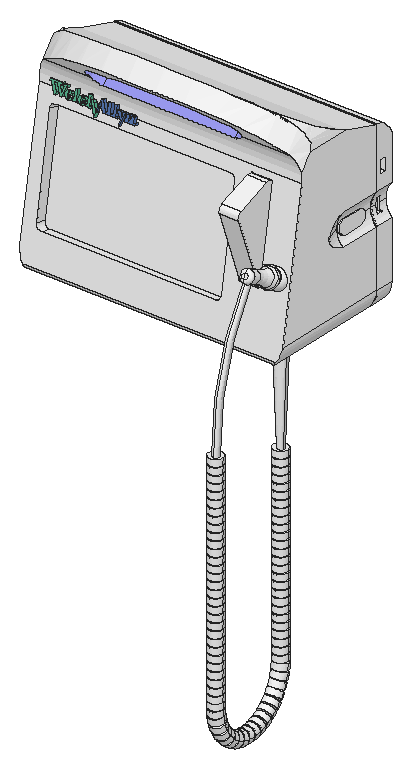
Revit family "Medical_All_Hill-Rom_Connex-Vital-Signs-Monitor", category Specialty Equipment, Revit 2015
Parameters (values of type "Connex Vital Signs Monitor 6700/6800")
  Youtube clip = "https://www.youtube.com/user/welchallyn"
  Width = 0' - 11 97/256"  # constant formula
  Weight Net (Kg) = ""
  Weight = 9.50 lbm  # constant formula
  Voltage = 15 V  # constant formula
  Uniformat II Description = ""
  Uniformat II Code = ""
  Uniclass 2015 Name = "Medical and laboratory equipment"
  Uniclass 2015 Code = "Pr_40_70_51"
  Uniclass 2.0 Description = "Medical Safety Systems"
  Uniclass 2.0 Code = "SS-75-50"
  Uniclass 1.4 Description = "Medical furniture, fittings"
  Uniclass 1.4 Code = "L852"
  USB_Connector_Descr = "USB External Connection"  # constant formula
  URL = "www.welchallyn.com"
  UNSPSC Code = ""
  Technical description = "https://construction.hill-rom.com/en/design-resources/architectual/"
  Set-Up Guide = "http://www.welchallyn.com/documents/Patient%20Monitoring/Vital%20Signs%20Capture/Connex%20Vital%20Signs%20Monitor/Service_Manual_VSM6000.pdf"
  Relative Humidity = "15% to 90%"
  Region South America = "None"
  Region Oceania = "None"
  Region North America = "US"
  Region Middle East = "None"
  Region Europe = "None"
  Region Asia = "None"
  Region Antarctica = "None"
  Region Africa = "None"
  QR code = "http://bimobject.com/hill-rom/product/WelchAllyn-ConnexVitalSignsMonitor"
  Product url = "https://www.welchallyn.com/en/products/categories/patient-monitoring/vital-signs-devices/connex-vital-signs-monitor.html"
  Product group = "CVSM"
  Product family = "Vital Signs Monitoring"
  Product data url = "https://bimobject.com/hill-rom/product/WelchAllyn-ConnexVitalSignsMonitor"
  Product certification = ""
  Product Specifications = "http://www.welchallyn.com/apps/products/product.jsp?id=19-pe-96-1276872488099"
  Product SKU = "WelchAllyn-ConnexVitalSignsMonitor"
  Product Part Numbers = "http://www.welchallyn.com/documents/Patient%20Monitoring/Vital%20Signs%20Capture/Connex%20Vital%20Signs%20Monitor/Connex-VSM-Acute-Care-SS.pdf"
  Product Guid = "88cad41c-c67b-4ab7-b821-9fa1980a1316"
  Product Brochure - Hospital = "http://www.welchallyn.com/documents/Patient%20Monitoring/Vital%20Signs%20Capture/Connex%20Vital%20Signs%20Monitor/Brochure_Connex_EVD_System_Overview.pdf"
  Product Brochure - Doctor's Office = "http://www.welchallyn.com/documents/Patient%20Monitoring/Vital%20Signs%20Capture/Connex%20Vital%20Signs%20Monitor/Brochure_Connex_VSM_ACM_Stand.pdf"
  Power_Connector_Descr = "Power Connection"  # constant formula
  Power Factor = 1
  Operating Time = "47 patient exams per charge (A patient exam includes NIBP, temperature and SpO₂ measurements at the rate of one patient every 10 minutes with a two-minute display time-out setting and a new battery.)"
  OmniClass Description = "Medical and Laboratory Equipment"
  OmniClass Code = "23-25 00 00"
  Nominal width = 0' - 0"
  Nominal height = 0' - 0"
  NBS Reference Description = "Medical Safety Systems"
  NBS Reference Code = "75-50"
  Model = "Connex Vital Signs Monitor 6700/6800"  # constant formula
  Material secondary = ""
  Material main = ""
  Masterformat 2014 Description = "Healthcare Equipment"
  Masterformat 2014 Code = "11 70 00"
  Manufacturer name = "Hill-Rom"
  Manufacturer country = "United States"
  Manufacturer = "WelchAllyn"  # constant formula
  Logo Material_Green = Plastic-Hill-Rom-Light Green_logo
  Logo Material_Blue = Plastic-Hill-Rom-Light Blue_logo
  Installation instructions = "https://construction.hill-rom.com/en/design-resources/product-brochures/"
  IFC Classification = ""
  Height = 0' - 10"  # constant formula
  Full Load Current = 2.33 A  # constant formula
  Frequency = 60 Hz  # constant formula
  Ethernet_Connector_Descr = "Ethernet RJ-45"  # constant formula
  Edition number = 1
  EAN code = ""
  Directions for Use = "http://www.welchallyn.com/documents/Patient%20Monitoring/Vital%20Signs%20Capture/Connex%20Vital%20Signs%20Monitor/DFU_VSM6000.pdf"
  Design country = "United States"
  Description = "Intuitive, touchscreen monitor for improved workflows and training"
  Depth = 0' - 6 5/256"  # constant formula
  Date of publishing = ""
  COBIe Type Category = ""
  CO2_OUT_Connector_Descr = "CO2 sampling exhaust port"  # constant formula
  CO2_INPT_Connector_Descr = "CO2 sampling input connector"  # constant formula
  C/L Monitor Mounting Height = ""
  Brand url = "https://construction.hill-rom.com/"
  Battery Recharge Time = "4 hours"
  Basic Material = Plastic-Hill-Rom-White
  BIMobject main category code = "medical"
  BIMobject main category = "Medical"
  BIMobject category code = "medical-all"
  BIMobject category = "All"
  Apparent Load = 0 VA
  Ambient Temperature = "50 – 104°F (10 – 40°C)"
Reference planes (in)
  plane 1 "Center (Front/Back)": y = 0
  plane 2: z = 0
  plane 3 "Center (Left/Right)": x = 0
  plane 4: y = -3.02283
  plane 5: x = -2.84449
  plane 6: x = 2.84449
  plane 7: y = 0.09156
  plane 8: y = -3.56439
  plane 9: z = 3.52188
  plane 10: z = -1.94645
  plane 11: x = 0
  plane 12: x = 2.55381
  plane 13: x = -9.71939
  plane 14: x = -12.2732
  plane 15: through (0, -6.39556, 1.48013) normal (0, 0.4226, 0.9063)
  plane 16: through (-9.71939, 0.21803, 63.72207) normal (0, -0.4226, 0.9063)
Forms (in)
  Revolve 1, solid, material "Plastic-Hill-Rom-White" <- "Basic Material", detail levels fine
    sketch origin (7.23881, -1.99919, -62.24194) x (-0.996195, -0.087156, 0) y (0, 0, 1)
      loop
        line (4.8822, 60.40556) -> (4.7502, 60.40556) -> (4.81683, 58.49755) -> (4.8822, 58.49755) -> (4.8822, 60.40556)
      axis (4.8822, 58.49755) -> (4.8822, 60.40556)
    angle from 0 to 360
  Extrusion 2, solid, material "Plastic-Hill-Rom-White" <- "Basic Material", detail levels fine
    sketch origin (-9.5184, -7.24097, -3.08569) x (-0.996195, -0.087156, 0) y (0.087156, -0.996195, 0)
      loop
        circle (-12.26779, -1.77436) r 0.15634
    from 0 to 0.125
  Extrusion 3, solid, material "Plastic-Hill-Rom-White" <- "Basic Material", detail levels fine
    sketch origin (-9.5184, -7.24097, -3.24479) x (-0.996195, -0.087156, 0) y (0.087156, -0.996195, 0)
      loop
        circle (-12.26779, -1.77436) r 0.15634
    from 0 to 0.125
  Extrusion 4, solid, material "Plastic-Hill-Rom-White" <- "Basic Material", detail levels fine
    sketch origin (-9.5184, -7.24097, -3.40389) x (-0.996195, -0.087156, 0) y (0.087156, -0.996195, 0)
      loop
        circle (-12.26779, -1.77436) r 0.15634
    from 0 to 0.125
  Extrusion 5, solid, material "Plastic-Hill-Rom-White" <- "Basic Material", detail levels fine
    sketch origin (-9.5184, -7.24097, -3.563) x (-0.996195, -0.087156, 0) y (0.087156, -0.996195, 0)
      loop
        circle (-12.26779, -1.77436) r 0.15634
    from 0 to 0.125
  Extrusion 6, solid, material "Plastic-Hill-Rom-White" <- "Basic Material", detail levels fine
    sketch origin (-9.5184, -7.24097, -3.7221) x (-0.996195, -0.087156, 0) y (0.087156, -0.996195, 0)
      loop
        circle (-12.26779, -1.77436) r 0.15634
    from 0 to 0.125
  Extrusion 7, solid, material "Plastic-Hill-Rom-White" <- "Basic Material", detail levels fine
    sketch origin (-9.5184, -7.24097, -3.88121) x (-0.996195, -0.087156, 0) y (0.087156, -0.996195, 0)
      loop
        circle (-12.26779, -1.77436) r 0.15634
    from 0 to 0.125
  Extrusion 8, solid, material "Plastic-Hill-Rom-White" <- "Basic Material", detail levels fine
    sketch origin (-9.5184, -7.24097, -4.04031) x (-0.996195, -0.087156, 0) y (0.087156, -0.996195, 0)
      loop
        circle (-12.26779, -1.77436) r 0.15634
    from 0 to 0.125
  Extrusion 9, solid, material "Plastic-Hill-Rom-White" <- "Basic Material", detail levels fine
    sketch origin (-9.5184, -7.24097, -4.19941) x (-0.996195, -0.087156, 0) y (0.087156, -0.996195, 0)
      loop
        circle (-12.26779, -1.77436) r 0.15634
    from 0 to 0.125
  Extrusion 10, solid, material "Plastic-Hill-Rom-White" <- "Basic Material", detail levels fine
    sketch origin (-9.5184, -7.24097, -4.35852) x (-0.996195, -0.087156, 0) y (0.087156, -0.996195, 0)
      loop
        circle (-12.26779, -1.77436) r 0.15634
    from 0 to 0.125
  Extrusion 11, solid, material "Plastic-Hill-Rom-White" <- "Basic Material", detail levels fine
    sketch origin (-9.5184, -7.24097, -4.51762) x (-0.996195, -0.087156, 0) y (0.087156, -0.996195, 0)
      loop
        circle (-12.26779, -1.77436) r 0.15634
    from 0 to 0.125
  Extrusion 12, solid, material "Plastic-Hill-Rom-White" <- "Basic Material", detail levels fine
    sketch origin (-9.5184, -7.24097, -4.67672) x (-0.996195, -0.087156, 0) y (0.087156, -0.996195, 0)
      loop
        circle (-12.26779, -1.77436) r 0.15634
    from 0 to 0.125
  Extrusion 13, solid, material "Plastic-Hill-Rom-White" <- "Basic Material", detail levels fine
    sketch origin (-9.5184, -7.24097, -4.83583) x (-0.996195, -0.087156, 0) y (0.087156, -0.996195, 0)
      loop
        circle (-12.26779, -1.77436) r 0.15634
    from 0 to 0.125
  Extrusion 14, solid, material "Plastic-Hill-Rom-White" <- "Basic Material", detail levels fine
    sketch origin (-9.5184, -7.24097, -4.99493) x (-0.996195, -0.087156, 0) y (0.087156, -0.996195, 0)
      loop
        circle (-12.26779, -1.77436) r 0.15634
    from 0 to 0.125
  Extrusion 15, solid, material "Plastic-Hill-Rom-White" <- "Basic Material", detail levels fine
    sketch origin (-9.5184, -7.24097, -5.15404) x (-0.996195, -0.087156, 0) y (0.087156, -0.996195, 0)
      loop
        circle (-12.26779, -1.77436) r 0.15634
    from 0 to 0.125
  Extrusion 16, solid, material "Plastic-Hill-Rom-White" <- "Basic Material", detail levels fine
    sketch origin (-9.5184, -7.24097, -5.31314) x (-0.996195, -0.087156, 0) y (0.087156, -0.996195, 0)
      loop
        circle (-12.26779, -1.77436) r 0.15634
    from 0 to 0.125
  Extrusion 17, solid, material "Plastic-Hill-Rom-White" <- "Basic Material", detail levels fine
    sketch origin (-9.5184, -7.24097, -5.47224) x (-0.996195, -0.087156, 0) y (0.087156, -0.996195, 0)
      loop
        circle (-12.26779, -1.77436) r 0.15634
    from 0 to 0.125
  Extrusion 18, solid, material "Plastic-Hill-Rom-White" <- "Basic Material", detail levels fine
    sketch origin (-9.5184, -7.24097, -5.63135) x (-0.996195, -0.087156, 0) y (0.087156, -0.996195, 0)
      loop
        circle (-12.26779, -1.77436) r 0.15634
    from 0 to 0.125
  Extrusion 19, solid, material "Plastic-Hill-Rom-White" <- "Basic Material", detail levels fine
    sketch origin (-9.5184, -7.24097, -5.79045) x (-0.996195, -0.087156, 0) y (0.087156, -0.996195, 0)
      loop
        circle (-12.26779, -1.77436) r 0.15634
    from 0 to 0.125
  Extrusion 20, solid, material "Plastic-Hill-Rom-White" <- "Basic Material", detail levels fine
    sketch origin (-9.5184, -7.24097, -5.94955) x (-0.996195, -0.087156, 0) y (0.087156, -0.996195, 0)
      loop
        circle (-12.26779, -1.77436) r 0.15634
    from 0 to 0.125
  Extrusion 21, solid, material "Plastic-Hill-Rom-White" <- "Basic Material", detail levels fine
    sketch origin (-9.5184, -7.24097, -6.10866) x (-0.996195, -0.087156, 0) y (0.087156, -0.996195, 0)
      loop
        circle (-12.26779, -1.77436) r 0.15634
    from 0 to 0.125
  Extrusion 22, solid, material "Plastic-Hill-Rom-White" <- "Basic Material", detail levels fine
    sketch origin (-9.5184, -7.24097, -6.26776) x (-0.996195, -0.087156, 0) y (0.087156, -0.996195, 0)
      loop
        circle (-12.26779, -1.77436) r 0.15634
    from 0 to 0.125
  Extrusion 23, solid, material "Plastic-Hill-Rom-White" <- "Basic Material", detail levels fine
    sketch origin (-9.5184, -7.24097, -6.42686) x (-0.996195, -0.087156, 0) y (0.087156, -0.996195, 0)
      loop
        circle (-12.26779, -1.77436) r 0.15634
    from 0 to 0.125
  Extrusion 24, solid, material "Plastic-Hill-Rom-White" <- "Basic Material", detail levels fine
    sketch origin (-9.5184, -7.24097, -6.58597) x (-0.996195, -0.087156, 0) y (0.087156, -0.996195, 0)
      loop
        circle (-12.26779, -1.77436) r 0.15634
    from 0 to 0.125
  Extrusion 25, solid, material "Plastic-Hill-Rom-White" <- "Basic Material", detail levels fine
    sketch origin (-9.5184, -7.24097, -6.74507) x (-0.996195, -0.087156, 0) y (0.087156, -0.996195, 0)
      loop
        circle (-12.26779, -1.77436) r 0.15634
    from 0 to 0.125
  Extrusion 26, solid, material "Plastic-Hill-Rom-White" <- "Basic Material", detail levels fine
    sketch origin (-9.5184, -7.24097, -6.90418) x (-0.996195, -0.087156, 0) y (0.087156, -0.996195, 0)
      loop
        circle (-12.26779, -1.77436) r 0.15634
    from 0 to 0.125
  Extrusion 27, solid, material "Plastic-Hill-Rom-White" <- "Basic Material", detail levels fine
    sketch origin (-9.5184, -7.24097, -7.06328) x (-0.996195, -0.087156, 0) y (0.087156, -0.996195, 0)
      loop
        circle (-12.26779, -1.77436) r 0.15634
    from 0 to 0.125
  Extrusion 28, solid, material "Plastic-Hill-Rom-White" <- "Basic Material", detail levels fine
    sketch origin (-9.6917, -5.26022, -3.85559) x (-0.996195, -0.087156, 0) y (0.087156, -0.996195, 0)
      loop
        circle (-12.26779, -1.77436) r 0.15634
    from 0 to 0.125
  Extrusion 29, solid, material "Plastic-Hill-Rom-White" <- "Basic Material", detail levels fine
    sketch origin (-9.6917, -5.26022, -4.01469) x (-0.996195, -0.087156, 0) y (0.087156, -0.996195, 0)
      loop
        circle (-12.26779, -1.77436) r 0.15634
    from 0 to 0.125
  Extrusion 30, solid, material "Plastic-Hill-Rom-White" <- "Basic Material", detail levels fine
    sketch origin (-9.6917, -5.26022, -4.1738) x (-0.996195, -0.087156, 0) y (0.087156, -0.996195, 0)
      loop
        circle (-12.26779, -1.77436) r 0.15634
    from 0 to 0.125
  Extrusion 31, solid, material "Plastic-Hill-Rom-White" <- "Basic Material", detail levels fine
    sketch origin (-9.6917, -5.26022, -4.3329) x (-0.996195, -0.087156, 0) y (0.087156, -0.996195, 0)
      loop
        circle (-12.26779, -1.77436) r 0.15634
    from 0 to 0.125
  Extrusion 32, solid, material "Plastic-Hill-Rom-White" <- "Basic Material", detail levels fine
    sketch origin (-9.6917, -5.26022, -4.492) x (-0.996195, -0.087156, 0) y (0.087156, -0.996195, 0)
      loop
        circle (-12.26779, -1.77436) r 0.15634
    from 0 to 0.125
  Extrusion 33, solid, material "Plastic-Hill-Rom-White" <- "Basic Material", detail levels fine
    sketch origin (-9.6917, -5.26022, -4.65111) x (-0.996195, -0.087156, 0) y (0.087156, -0.996195, 0)
      loop
        circle (-12.26779, -1.77436) r 0.15634
    from 0 to 0.125
  Extrusion 34, solid, material "Plastic-Hill-Rom-White" <- "Basic Material", detail levels fine
    sketch origin (-9.6917, -5.26022, -4.81021) x (-0.996195, -0.087156, 0) y (0.087156, -0.996195, 0)
      loop
        circle (-12.26779, -1.77436) r 0.15634
    from 0 to 0.125
  Extrusion 35, solid, material "Plastic-Hill-Rom-White" <- "Basic Material", detail levels fine
    sketch origin (-9.6917, -5.26022, -4.96931) x (-0.996195, -0.087156, 0) y (0.087156, -0.996195, 0)
      loop
        circle (-12.26779, -1.77436) r 0.15634
    from 0 to 0.125
  Extrusion 36, solid, material "Plastic-Hill-Rom-White" <- "Basic Material", detail levels fine
    sketch origin (-9.6917, -5.26022, -5.12842) x (-0.996195, -0.087156, 0) y (0.087156, -0.996195, 0)
      loop
        circle (-12.26779, -1.77436) r 0.15634
    from 0 to 0.125
  Extrusion 37, solid, material "Plastic-Hill-Rom-White" <- "Basic Material", detail levels fine
    sketch origin (-9.6917, -5.26022, -5.28752) x (-0.996195, -0.087156, 0) y (0.087156, -0.996195, 0)
      loop
        circle (-12.26779, -1.77436) r 0.15634
    from 0 to 0.125
  Extrusion 38, solid, material "Plastic-Hill-Rom-White" <- "Basic Material", detail levels fine
    sketch origin (-9.6917, -5.26022, -5.44662) x (-0.996195, -0.087156, 0) y (0.087156, -0.996195, 0)
      loop
        circle (-12.26779, -1.77436) r 0.15634
    from 0 to 0.125
  Extrusion 39, solid, material "Plastic-Hill-Rom-White" <- "Basic Material", detail levels fine
    sketch origin (-9.6917, -5.26022, -5.60573) x (-0.996195, -0.087156, 0) y (0.087156, -0.996195, 0)
      loop
        circle (-12.26779, -1.77436) r 0.15634
    from 0 to 0.125
  Extrusion 40, solid, material "Plastic-Hill-Rom-White" <- "Basic Material", detail levels fine
    sketch origin (-9.6917, -5.26022, -5.76483) x (-0.996195, -0.087156, 0) y (0.087156, -0.996195, 0)
      loop
        circle (-12.26779, -1.77436) r 0.15634
    from 0 to 0.125
  Extrusion 41, solid, material "Plastic-Hill-Rom-White" <- "Basic Material", detail levels fine
    sketch origin (-9.6917, -5.26022, -5.92394) x (-0.996195, -0.087156, 0) y (0.087156, -0.996195, 0)
      loop
        circle (-12.26779, -1.77436) r 0.15634
    from 0 to 0.125
  Extrusion 42, solid, material "Plastic-Hill-Rom-White" <- "Basic Material", detail levels fine
    sketch origin (-9.6917, -5.26022, -6.08304) x (-0.996195, -0.087156, 0) y (0.087156, -0.996195, 0)
      loop
        circle (-12.26779, -1.77436) r 0.15634
    from 0 to 0.125
  Extrusion 43, solid, material "Plastic-Hill-Rom-White" <- "Basic Material", detail levels fine
    sketch origin (-9.6917, -5.26022, -6.24214) x (-0.996195, -0.087156, 0) y (0.087156, -0.996195, 0)
      loop
        circle (-12.26779, -1.77436) r 0.15634
    from 0 to 0.125
  Extrusion 44, solid, material "Plastic-Hill-Rom-White" <- "Basic Material", detail levels fine
    sketch origin (-9.6917, -5.26022, -6.40125) x (-0.996195, -0.087156, 0) y (0.087156, -0.996195, 0)
      loop
        circle (-12.26779, -1.77436) r 0.15634
    from 0 to 0.125
  Extrusion 45, solid, material "Plastic-Hill-Rom-White" <- "Basic Material", detail levels fine
    sketch origin (-9.6917, -5.26022, -6.56035) x (-0.996195, -0.087156, 0) y (0.087156, -0.996195, 0)
      loop
        circle (-12.26779, -1.77436) r 0.15634
    from 0 to 0.125
  Extrusion 46, solid, material "Plastic-Hill-Rom-White" <- "Basic Material", detail levels fine
    sketch origin (-9.6917, -5.26022, -6.71945) x (-0.996195, -0.087156, 0) y (0.087156, -0.996195, 0)
      loop
        circle (-12.26779, -1.77436) r 0.15634
    from 0 to 0.125
  Extrusion 47, solid, material "Plastic-Hill-Rom-White" <- "Basic Material", detail levels fine
    sketch origin (-9.6917, -5.26022, -6.87856) x (-0.996195, -0.087156, 0) y (0.087156, -0.996195, 0)
      loop
        circle (-12.26779, -1.77436) r 0.15634
    from 0 to 0.125
  Extrusion 48, solid, material "Plastic-Hill-Rom-White" <- "Basic Material", detail levels fine
    sketch origin (-9.6917, -5.26022, -7.03766) x (-0.996195, -0.087156, 0) y (0.087156, -0.996195, 0)
      loop
        circle (-12.26779, -1.77436) r 0.15634
    from 0 to 0.125
  Extrusion 49, solid, material "Plastic-Hill-Rom-White" <- "Basic Material", detail levels fine
    sketch origin (-9.6917, -5.26022, -7.19677) x (-0.996195, -0.087156, 0) y (0.087156, -0.996195, 0)
      loop
        circle (-12.26779, -1.77436) r 0.15634
    from 0 to 0.125
  Extrusion 50, solid, material "Plastic-Hill-Rom-White" <- "Basic Material", detail levels fine
    sketch origin (-9.6917, -5.26022, -7.35587) x (-0.996195, -0.087156, 0) y (0.087156, -0.996195, 0)
      loop
        circle (-12.26779, -1.77436) r 0.15634
    from 0 to 0.125
  Extrusion 51, solid, material "Plastic-Hill-Rom-White" <- "Basic Material", detail levels fine
    sketch origin (-9.6917, -5.26022, -7.51497) x (-0.996195, -0.087156, 0) y (0.087156, -0.996195, 0)
      loop
        circle (-12.26779, -1.77436) r 0.15634
    from 0 to 0.125
  Extrusion 52, solid, material "Plastic-Hill-Rom-White" <- "Basic Material", detail levels fine
    sketch origin (-9.6917, -5.26022, -7.67408) x (-0.996195, -0.087156, 0) y (0.087156, -0.996195, 0)
      loop
        circle (-12.26779, -1.77436) r 0.15634
    from 0 to 0.125
  Extrusion 53, solid, material "Plastic-Hill-Rom-White" <- "Basic Material", detail levels fine
    sketch origin (-9.6917, -5.26022, -7.83318) x (-0.996195, -0.087156, 0) y (0.087156, -0.996195, 0)
      loop
        circle (-12.26779, -1.77436) r 0.15634
    from 0 to 0.125
  Extrusion 54, solid, material "Plastic-Hill-Rom-White" <- "Basic Material", detail levels fine
    sketch origin (-9.69273, -5.24838, -7.69741) x (-0.996195, -0.087156, 0) y (0.085832, -0.98106, 0.173648)
      loop
        circle (-12.26779, -1.77436) r 0.15634
    from 0 to 0.125
  Extrusion 55, solid, material "Plastic-Hill-Rom-White" <- "Basic Material", detail levels fine
    sketch origin (-9.6958, -5.21324, -7.56577) x (-0.996195, -0.087156, 0) y (0.0819, -0.936117, 0.34202)
      loop
        circle (-12.26779, -1.77436) r 0.15634
    from 0 to 0.125
  Extrusion 56, solid, material "Plastic-Hill-Rom-White" <- "Basic Material", detail levels fine
    sketch origin (-9.70082, -5.15586, -7.44225) x (-0.996195, -0.087156, 0) y (0.075479, -0.86273, 0.5)
      loop
        circle (-12.26779, -1.77436) r 0.15634
    from 0 to 0.125
  Extrusion 57, solid, material "Plastic-Hill-Rom-White" <- "Basic Material", detail levels fine
    sketch origin (-9.70764, -5.07799, -7.33061) x (-0.996195, -0.087156, 0) y (0.066765, -0.763129, 0.642788)
      loop
        circle (-12.26779, -1.77436) r 0.15634
    from 0 to 0.125
  Extrusion 58, solid, material "Plastic-Hill-Rom-White" <- "Basic Material", detail levels fine
    sketch origin (-9.71604, -4.98199, -7.23424) x (-0.996195, -0.087156, 0) y (0.056023, -0.640342, 0.766044)
      loop
        circle (-12.26779, -1.77436) r 0.15634
    from 0 to 0.125
  Extrusion 59, solid, material "Plastic-Hill-Rom-White" <- "Basic Material", detail levels fine
    sketch origin (-9.72577, -4.87077, -7.15607) x (-0.996195, -0.087156, 0) y (0.043578, -0.498097, 0.866025)
      loop
        circle (-12.26779, -1.77436) r 0.15634
    from 0 to 0.125
  Extrusion 60, solid, material "Plastic-Hill-Rom-White" <- "Basic Material", detail levels fine
    sketch origin (-9.73653, -4.74772, -7.09847) x (-0.996195, -0.087156, 0) y (0.029809, -0.340719, 0.939693)
      loop
        circle (-12.26779, -1.77436) r 0.15634
    from 0 to 0.125
  Extrusion 61, solid, material "Plastic-Hill-Rom-White" <- "Basic Material", detail levels fine
    sketch origin (-9.74801, -4.61658, -7.06319) x (-0.996195, -0.087156, 0) y (0.015134, -0.172987, 0.984808)
      loop
        circle (-12.26779, -1.77436) r 0.15634
    from 0 to 0.125
  Extrusion 62, solid, material "Plastic-Hill-Rom-White" <- "Basic Material", detail levels fine
    sketch origin (-9.75984, -4.48133, -7.05132) x (-0.996195, -0.087156, 0) y (0, 0, 1)
      loop
        circle (-12.26779, -1.77436) r 0.15634
    from 0 to 0.125
  Extrusion 63, solid, material "Plastic-Hill-Rom-White" <- "Basic Material", detail levels fine
    sketch origin (-9.77167, -4.34607, -7.06319) x (-0.996195, -0.087156, 0) y (-0.015134, 0.172987, 0.984808)
      loop
        circle (-12.26779, -1.77436) r 0.15634
    from 0 to 0.125
  Extrusion 64, solid, material "Plastic-Hill-Rom-White" <- "Basic Material", detail levels fine
    sketch origin (-9.78315, -4.21493, -7.09847) x (-0.996195, -0.087156, 0) y (-0.029809, 0.340719, 0.939693)
      loop
        circle (-12.26779, -1.77436) r 0.15634
    from 0 to 0.125
  Extrusion 65, solid, material "Plastic-Hill-Rom-White" <- "Basic Material", detail levels fine
    sketch origin (-9.79391, -4.09188, -7.15607) x (-0.996195, -0.087156, 0) y (-0.043578, 0.498097, 0.866025)
      loop
        circle (-12.26779, -1.77436) r 0.15634
    from 0 to 0.125
  Extrusion 66, solid, material "Plastic-Hill-Rom-White" <- "Basic Material", detail levels fine
    sketch origin (-9.80364, -3.98067, -7.23424) x (-0.996195, -0.087156, 0) y (-0.056023, 0.640342, 0.766044)
      loop
        circle (-12.26779, -1.77436) r 0.15634
    from 0 to 0.125
  Extrusion 67, solid, material "Plastic-Hill-Rom-White" <- "Basic Material", detail levels fine
    sketch origin (-9.81204, -3.88466, -7.33061) x (-0.996195, -0.087156, 0) y (-0.066765, 0.763129, 0.642788)
      loop
        circle (-12.26779, -1.77436) r 0.15634
    from 0 to 0.125
  Extrusion 68, solid, material "Plastic-Hill-Rom-White" <- "Basic Material", detail levels fine
    sketch origin (-9.81885, -3.80679, -7.44225) x (-0.996195, -0.087156, 0) y (-0.075479, 0.86273, 0.5)
      loop
        circle (-12.26779, -1.77436) r 0.15634
    from 0 to 0.125
  Extrusion 69, solid, material "Plastic-Hill-Rom-White" <- "Basic Material", detail levels fine
    sketch origin (-9.82387, -3.74941, -7.56577) x (-0.996195, -0.087156, 0) y (-0.0819, 0.936117, 0.34202)
      loop
        circle (-12.26779, -1.77436) r 0.15634
    from 0 to 0.125
  Extrusion 70, solid, material "Plastic-Hill-Rom-White" <- "Basic Material", detail levels fine
    sketch origin (-9.82695, -3.71427, -7.69741) x (-0.996195, -0.087156, 0) y (-0.085832, 0.98106, 0.173648)
      loop
        circle (-12.26779, -1.77436) r 0.15634
    from 0 to 0.125
  Extrusion 71, solid, material "Plastic-Hill-Rom-White" <- "Basic Material", detail levels fine
    sketch origin (-9.82798, -3.70244, -7.83318) x (-0.087156, 0.996195, 0) y (-0.996195, -0.087156, 0)
      loop
        circle (-1.77436, -12.26779) r 0.15634
    from 0 to 0.125
  Extrusion 72, solid, material "Plastic-Hill-Rom-White" <- "Basic Material", detail levels fine
    sketch origin (-9.82824, -3.69953, -7.82425) x (-0.996195, -0.087156, 0) y (0.086824, -0.992404, -0.087156)
      loop
        circle (-12.26779, 1.77436) r 0.15634
    from 0 to 0.125
  Extrusion 73, solid, material "Plastic-Hill-Rom-White" <- "Basic Material", detail levels fine
    sketch origin (-9.5184, -7.24097, -7.22238) x (-0.996195, -0.087156, 0) y (0.087156, -0.996195, 0)
      loop
        circle (-12.26779, -1.77436) r 0.15634
    from 0 to 0.125
  Extrusion 74, solid, material "Plastic-Hill-Rom-White" <- "Basic Material", detail levels fine
    sketch origin (-9.5184, -7.24097, -7.38149) x (-0.996195, -0.087156, 0) y (0.087156, -0.996195, 0)
      loop
        circle (-12.26779, -1.77436) r 0.15634
    from 0 to 0.125
  Extrusion 75, solid, material "Plastic-Hill-Rom-White" <- "Basic Material", detail levels fine
    sketch origin (-9.5184, -7.24097, -7.54059) x (-0.996195, -0.087156, 0) y (0.087156, -0.996195, 0)
      loop
        circle (-12.26779, -1.77436) r 0.15634
    from 0 to 0.125
  Extrusion 76, solid, material "Plastic-Hill-Rom-White" <- "Basic Material", detail levels fine
    sketch origin (-9.5184, -7.24097, -7.69969) x (-0.996195, -0.087156, 0) y (0.087156, -0.996195, 0)
      loop
        circle (-12.26779, -1.77436) r 0.15634
    from 0 to 0.125
  Revolve 77, solid, material "Plastic-Hill-Rom-White" <- "Basic Material", not visible, detail levels fine
    sketch origin (-16.9582, -4.17834, 0) x (0.996195, 0.087156, 0) y (0, 0, 1)
      loop
        line (4.8822, 60.40556) -> (4.7502, 60.40556) -> (4.81683, 58.49755) -> (4.8822, 58.49755) -> (4.8822, 60.40556)
      axis (4.8822, 58.49755) -> (4.8822, 60.40556)
    angle from 0 to 360
  Extrusion 78, solid, material "Plastic-Hill-Rom-White" <- "Basic Material", not visible, detail levels fine
    sketch origin (-0.20098, 1.06344, 59.15625) x (0.996195, 0.087156, 0) y (-0.087156, 0.996195, 0)
      loop
        circle (-12.26779, -1.77436) r 0.15634
    from 0 to 0.125
  Extrusion 79, solid, material "Plastic-Hill-Rom-White" <- "Basic Material", not visible, detail levels fine
    sketch origin (-0.20098, 1.06344, 58.99715) x (0.996195, 0.087156, 0) y (-0.087156, 0.996195, 0)
      loop
        circle (-12.26779, -1.77436) r 0.15634
    from 0 to 0.125
  Extrusion 80, solid, material "Plastic-Hill-Rom-White" <- "Basic Material", not visible, detail levels fine
    sketch origin (-0.20098, 1.06344, 58.83804) x (0.996195, 0.087156, 0) y (-0.087156, 0.996195, 0)
      loop
        circle (-12.26779, -1.77436) r 0.15634
    from 0 to 0.125
  Extrusion 81, solid, material "Plastic-Hill-Rom-White" <- "Basic Material", not visible, detail levels fine
    sketch origin (-0.20098, 1.06344, 58.67894) x (0.996195, 0.087156, 0) y (-0.087156, 0.996195, 0)
      loop
        circle (-12.26779, -1.77436) r 0.15634
    from 0 to 0.125
  Extrusion 82, solid, material "Plastic-Hill-Rom-White" <- "Basic Material", not visible, detail levels fine
    sketch origin (-0.20098, 1.06344, 58.51984) x (0.996195, 0.087156, 0) y (-0.087156, 0.996195, 0)
      loop
        circle (-12.26779, -1.77436) r 0.15634
    from 0 to 0.125
  Extrusion 83, solid, material "Plastic-Hill-Rom-White" <- "Basic Material", not visible, detail levels fine
    sketch origin (-0.20098, 1.06344, 58.36073) x (0.996195, 0.087156, 0) y (-0.087156, 0.996195, 0)
      loop
        circle (-12.26779, -1.77436) r 0.15634
    from 0 to 0.125
  Extrusion 84, solid, material "Plastic-Hill-Rom-White" <- "Basic Material", not visible, detail levels fine
    sketch origin (-0.20098, 1.06344, 58.20163) x (0.996195, 0.087156, 0) y (-0.087156, 0.996195, 0)
      loop
        circle (-12.26779, -1.77436) r 0.15634
    from 0 to 0.125
  Extrusion 85, solid, material "Plastic-Hill-Rom-White" <- "Basic Material", not visible, detail levels fine
    sketch origin (-0.20098, 1.06344, 58.04252) x (0.996195, 0.087156, 0) y (-0.087156, 0.996195, 0)
      loop
        circle (-12.26779, -1.77436) r 0.15634
    from 0 to 0.125
  Extrusion 86, solid, material "Plastic-Hill-Rom-White" <- "Basic Material", not visible, detail levels fine
    sketch origin (-0.20098, 1.06344, 57.88342) x (0.996195, 0.087156, 0) y (-0.087156, 0.996195, 0)
      loop
        circle (-12.26779, -1.77436) r 0.15634
    from 0 to 0.125
  Extrusion 87, solid, material "Plastic-Hill-Rom-White" <- "Basic Material", not visible, detail levels fine
    sketch origin (-0.20098, 1.06344, 57.72432) x (0.996195, 0.087156, 0) y (-0.087156, 0.996195, 0)
      loop
        circle (-12.26779, -1.77436) r 0.15634
    from 0 to 0.125
  Extrusion 88, solid, material "Plastic-Hill-Rom-White" <- "Basic Material", not visible, detail levels fine
    sketch origin (-0.20098, 1.06344, 57.56521) x (0.996195, 0.087156, 0) y (-0.087156, 0.996195, 0)
      loop
        circle (-12.26779, -1.77436) r 0.15634
    from 0 to 0.125
  Extrusion 89, solid, material "Plastic-Hill-Rom-White" <- "Basic Material", not visible, detail levels fine
    sketch origin (-0.20098, 1.06344, 57.40611) x (0.996195, 0.087156, 0) y (-0.087156, 0.996195, 0)
      loop
        circle (-12.26779, -1.77436) r 0.15634
    from 0 to 0.125
  Extrusion 90, solid, material "Plastic-Hill-Rom-White" <- "Basic Material", not visible, detail levels fine
    sketch origin (-0.20098, 1.06344, 57.24701) x (0.996195, 0.087156, 0) y (-0.087156, 0.996195, 0)
      loop
        circle (-12.26779, -1.77436) r 0.15634
    from 0 to 0.125
  Extrusion 91, solid, material "Plastic-Hill-Rom-White" <- "Basic Material", not visible, detail levels fine
    sketch origin (-0.20098, 1.06344, 57.0879) x (0.996195, 0.087156, 0) y (-0.087156, 0.996195, 0)
      loop
        circle (-12.26779, -1.77436) r 0.15634
    from 0 to 0.125
  Extrusion 92, solid, material "Plastic-Hill-Rom-White" <- "Basic Material", not visible, detail levels fine
    sketch origin (-0.20098, 1.06344, 56.9288) x (0.996195, 0.087156, 0) y (-0.087156, 0.996195, 0)
      loop
        circle (-12.26779, -1.77436) r 0.15634
    from 0 to 0.125
  Extrusion 93, solid, material "Plastic-Hill-Rom-White" <- "Basic Material", not visible, detail levels fine
    sketch origin (-0.20098, 1.06344, 56.76969) x (0.996195, 0.087156, 0) y (-0.087156, 0.996195, 0)
      loop
        circle (-12.26779, -1.77436) r 0.15634
    from 0 to 0.125
  Extrusion 94, solid, material "Plastic-Hill-Rom-White" <- "Basic Material", not visible, detail levels fine
    sketch origin (-0.20098, 1.06344, 56.61059) x (0.996195, 0.087156, 0) y (-0.087156, 0.996195, 0)
      loop
        circle (-12.26779, -1.77436) r 0.15634
    from 0 to 0.125
  Extrusion 95, solid, material "Plastic-Hill-Rom-White" <- "Basic Material", not visible, detail levels fine
    sketch origin (-0.20098, 1.06344, 56.45149) x (0.996195, 0.087156, 0) y (-0.087156, 0.996195, 0)
      loop
        circle (-12.26779, -1.77436) r 0.15634
    from 0 to 0.125
  Extrusion 96, solid, material "Plastic-Hill-Rom-White" <- "Basic Material", not visible, detail levels fine
    sketch origin (-0.20098, 1.06344, 56.29238) x (0.996195, 0.087156, 0) y (-0.087156, 0.996195, 0)
      loop
        circle (-12.26779, -1.77436) r 0.15634
    from 0 to 0.125
  Extrusion 97, solid, material "Plastic-Hill-Rom-White" <- "Basic Material", not visible, detail levels fine
    sketch origin (-0.20098, 1.06344, 56.13328) x (0.996195, 0.087156, 0) y (-0.087156, 0.996195, 0)
      loop
        circle (-12.26779, -1.77436) r 0.15634
    from 0 to 0.125
  Extrusion 98, solid, material "Plastic-Hill-Rom-White" <- "Basic Material", not visible, detail levels fine
    sketch origin (-0.20098, 1.06344, 55.97418) x (0.996195, 0.087156, 0) y (-0.087156, 0.996195, 0)
      loop
        circle (-12.26779, -1.77436) r 0.15634
    from 0 to 0.125
  Extrusion 99, solid, material "Plastic-Hill-Rom-White" <- "Basic Material", not visible, detail levels fine
    sketch origin (-0.20098, 1.06344, 55.81507) x (0.996195, 0.087156, 0) y (-0.087156, 0.996195, 0)
      loop
        circle (-12.26779, -1.77436) r 0.15634
    from 0 to 0.125
  Extrusion 100, solid, material "Plastic-Hill-Rom-White" <- "Basic Material", not visible, detail levels fine
    sketch origin (-0.20098, 1.06344, 55.65597) x (0.996195, 0.087156, 0) y (-0.087156, 0.996195, 0)
      loop
        circle (-12.26779, -1.77436) r 0.15634
    from 0 to 0.125
  Extrusion 101, solid, material "Plastic-Hill-Rom-White" <- "Basic Material", not visible, detail levels fine
    sketch origin (-0.20098, 1.06344, 55.49687) x (0.996195, 0.087156, 0) y (-0.087156, 0.996195, 0)
      loop
        circle (-12.26779, -1.77436) r 0.15634
    from 0 to 0.125
  Extrusion 102, solid, material "Plastic-Hill-Rom-White" <- "Basic Material", not visible, detail levels fine
    sketch origin (-0.20098, 1.06344, 55.33776) x (0.996195, 0.087156, 0) y (-0.087156, 0.996195, 0)
      loop
        circle (-12.26779, -1.77436) r 0.15634
    from 0 to 0.125
  Extrusion 103, solid, material "Plastic-Hill-Rom-White" <- "Basic Material", not visible, detail levels fine
    sketch origin (-0.20098, 1.06344, 55.17866) x (0.996195, 0.087156, 0) y (-0.087156, 0.996195, 0)
      loop
        circle (-12.26779, -1.77436) r 0.15634
    from 0 to 0.125
  Extrusion 104, solid, material "Plastic-Hill-Rom-White" <- "Basic Material", not visible, detail levels fine
    sketch origin (-0.02769, -0.91731, 58.38635) x (0.996195, 0.087156, 0) y (-0.087156, 0.996195, 0)
      loop
        circle (-12.26779, -1.77436) r 0.15634
    from 0 to 0.125
  Extrusion 105, solid, material "Plastic-Hill-Rom-White" <- "Basic Material", not visible, detail levels fine
    sketch origin (-0.02769, -0.91731, 58.22725) x (0.996195, 0.087156, 0) y (-0.087156, 0.996195, 0)
      loop
        circle (-12.26779, -1.77436) r 0.15634
    from 0 to 0.125
  Extrusion 106, solid, material "Plastic-Hill-Rom-White" <- "Basic Material", not visible, detail levels fine
    sketch origin (-0.02769, -0.91731, 58.06814) x (0.996195, 0.087156, 0) y (-0.087156, 0.996195, 0)
      loop
        circle (-12.26779, -1.77436) r 0.15634
    from 0 to 0.125
  Extrusion 107, solid, material "Plastic-Hill-Rom-White" <- "Basic Material", not visible, detail levels fine
    sketch origin (-0.02769, -0.91731, 57.90904) x (0.996195, 0.087156, 0) y (-0.087156, 0.996195, 0)
      loop
        circle (-12.26779, -1.77436) r 0.15634
    from 0 to 0.125
  Extrusion 108, solid, material "Plastic-Hill-Rom-White" <- "Basic Material", not visible, detail levels fine
    sketch origin (-0.02769, -0.91731, 57.74994) x (0.996195, 0.087156, 0) y (-0.087156, 0.996195, 0)
      loop
        circle (-12.26779, -1.77436) r 0.15634
    from 0 to 0.125
  Extrusion 109, solid, material "Plastic-Hill-Rom-White" <- "Basic Material", not visible, detail levels fine
    sketch origin (-0.02769, -0.91731, 57.59083) x (0.996195, 0.087156, 0) y (-0.087156, 0.996195, 0)
      loop
        circle (-12.26779, -1.77436) r 0.15634
    from 0 to 0.125
  Extrusion 110, solid, material "Plastic-Hill-Rom-White" <- "Basic Material", not visible, detail levels fine
    sketch origin (-0.02769, -0.91731, 57.43173) x (0.996195, 0.087156, 0) y (-0.087156, 0.996195, 0)
      loop
        circle (-12.26779, -1.77436) r 0.15634
    from 0 to 0.125
  Extrusion 111, solid, material "Plastic-Hill-Rom-White" <- "Basic Material", not visible, detail levels fine
    sketch origin (-0.02769, -0.91731, 57.27262) x (0.996195, 0.087156, 0) y (-0.087156, 0.996195, 0)
      loop
        circle (-12.26779, -1.77436) r 0.15634
    from 0 to 0.125
  Extrusion 112, solid, material "Plastic-Hill-Rom-White" <- "Basic Material", not visible, detail levels fine
    sketch origin (-0.02769, -0.91731, 57.11352) x (0.996195, 0.087156, 0) y (-0.087156, 0.996195, 0)
      loop
        circle (-12.26779, -1.77436) r 0.15634
    from 0 to 0.125
  Extrusion 113, solid, material "Plastic-Hill-Rom-White" <- "Basic Material", not visible, detail levels fine
    sketch origin (-0.02769, -0.91731, 56.95442) x (0.996195, 0.087156, 0) y (-0.087156, 0.996195, 0)
      loop
        circle (-12.26779, -1.77436) r 0.15634
    from 0 to 0.125
  Extrusion 114, solid, material "Plastic-Hill-Rom-White" <- "Basic Material", not visible, detail levels fine
    sketch origin (-0.02769, -0.91731, 56.79531) x (0.996195, 0.087156, 0) y (-0.087156, 0.996195, 0)
      loop
        circle (-12.26779, -1.77436) r 0.15634
    from 0 to 0.125
  Extrusion 115, solid, material "Plastic-Hill-Rom-White" <- "Basic Material", not visible, detail levels fine
    sketch origin (-0.02769, -0.91731, 56.63621) x (0.996195, 0.087156, 0) y (-0.087156, 0.996195, 0)
      loop
        circle (-12.26779, -1.77436) r 0.15634
    from 0 to 0.125
  Extrusion 116, solid, material "Plastic-Hill-Rom-White" <- "Basic Material", not visible, detail levels fine
    sketch origin (-0.02769, -0.91731, 56.47711) x (0.996195, 0.087156, 0) y (-0.087156, 0.996195, 0)
      loop
        circle (-12.26779, -1.77436) r 0.15634
    from 0 to 0.125
  Extrusion 117, solid, material "Plastic-Hill-Rom-White" <- "Basic Material", not visible, detail levels fine
    sketch origin (-0.02769, -0.91731, 56.318) x (0.996195, 0.087156, 0) y (-0.087156, 0.996195, 0)
      loop
        circle (-12.26779, -1.77436) r 0.15634
    from 0 to 0.125
  Extrusion 118, solid, material "Plastic-Hill-Rom-White" <- "Basic Material", not visible, detail levels fine
    sketch origin (-0.02769, -0.91731, 56.1589) x (0.996195, 0.087156, 0) y (-0.087156, 0.996195, 0)
      loop
        circle (-12.26779, -1.77436) r 0.15634
    from 0 to 0.125
  Extrusion 119, solid, material "Plastic-Hill-Rom-White" <- "Basic Material", not visible, detail levels fine
    sketch origin (-0.02769, -0.91731, 55.99979) x (0.996195, 0.087156, 0) y (-0.087156, 0.996195, 0)
      loop
        circle (-12.26779, -1.77436) r 0.15634
    from 0 to 0.125
  Extrusion 120, solid, material "Plastic-Hill-Rom-White" <- "Basic Material", not visible, detail levels fine
    sketch origin (-0.02769, -0.91731, 55.84069) x (0.996195, 0.087156, 0) y (-0.087156, 0.996195, 0)
      loop
        circle (-12.26779, -1.77436) r 0.15634
    from 0 to 0.125
  Extrusion 121, solid, material "Plastic-Hill-Rom-White" <- "Basic Material", not visible, detail levels fine
    sketch origin (-0.02769, -0.91731, 55.68159) x (0.996195, 0.087156, 0) y (-0.087156, 0.996195, 0)
      loop
        circle (-12.26779, -1.77436) r 0.15634
    from 0 to 0.125
  Extrusion 122, solid, material "Plastic-Hill-Rom-White" <- "Basic Material", not visible, detail levels fine
    sketch origin (-0.02769, -0.91731, 55.52248) x (0.996195, 0.087156, 0) y (-0.087156, 0.996195, 0)
      loop
        circle (-12.26779, -1.77436) r 0.15634
    from 0 to 0.125
  Extrusion 123, solid, material "Plastic-Hill-Rom-White" <- "Basic Material", not visible, detail levels fine
    sketch origin (-0.02769, -0.91731, 55.36338) x (0.996195, 0.087156, 0) y (-0.087156, 0.996195, 0)
      loop
        circle (-12.26779, -1.77436) r 0.15634
    from 0 to 0.125
  Extrusion 124, solid, material "Plastic-Hill-Rom-White" <- "Basic Material", not visible, detail levels fine
    sketch origin (-0.02769, -0.91731, 55.20428) x (0.996195, 0.087156, 0) y (-0.087156, 0.996195, 0)
      loop
        circle (-12.26779, -1.77436) r 0.15634
    from 0 to 0.125
  Extrusion 125, solid, material "Plastic-Hill-Rom-White" <- "Basic Material", not visible, detail levels fine
    sketch origin (-0.02769, -0.91731, 55.04517) x (0.996195, 0.087156, 0) y (-0.087156, 0.996195, 0)
      loop
        circle (-12.26779, -1.77436) r 0.15634
    from 0 to 0.125
  Extrusion 126, solid, material "Plastic-Hill-Rom-White" <- "Basic Material", not visible, detail levels fine
    sketch origin (-0.02769, -0.91731, 54.88607) x (0.996195, 0.087156, 0) y (-0.087156, 0.996195, 0)
      loop
        circle (-12.26779, -1.77436) r 0.15634
    from 0 to 0.125
  Extrusion 127, solid, material "Plastic-Hill-Rom-White" <- "Basic Material", not visible, detail levels fine
    sketch origin (-0.02769, -0.91731, 54.72696) x (0.996195, 0.087156, 0) y (-0.087156, 0.996195, 0)
      loop
        circle (-12.26779, -1.77436) r 0.15634
    from 0 to 0.125
  Extrusion 128, solid, material "Plastic-Hill-Rom-White" <- "Basic Material", not visible, detail levels fine
    sketch origin (-0.02769, -0.91731, 54.56786) x (0.996195, 0.087156, 0) y (-0.087156, 0.996195, 0)
      loop
        circle (-12.26779, -1.77436) r 0.15634
    from 0 to 0.125
  Extrusion 129, solid, material "Plastic-Hill-Rom-White" <- "Basic Material", not visible, detail levels fine
    sketch origin (-0.02769, -0.91731, 54.40876) x (0.996195, 0.087156, 0) y (-0.087156, 0.996195, 0)
      loop
        circle (-12.26779, -1.77436) r 0.15634
    from 0 to 0.125
  Extrusion 130, solid, material "Plastic-Hill-Rom-White" <- "Basic Material", not visible, detail levels fine
    sketch origin (-0.02666, -0.92914, 54.54453) x (0.996195, 0.087156, 0) y (-0.085832, 0.98106, 0.173648)
      loop
        circle (-12.26779, -1.77436) r 0.15634
    from 0 to 0.125
  Extrusion 131, solid, material "Plastic-Hill-Rom-White" <- "Basic Material", not visible, detail levels fine
    sketch origin (-0.02358, -0.96428, 54.67617) x (0.996195, 0.087156, 0) y (-0.0819, 0.936117, 0.34202)
      loop
        circle (-12.26779, -1.77436) r 0.15634
    from 0 to 0.125
  Extrusion 132, solid, material "Plastic-Hill-Rom-White" <- "Basic Material", not visible, detail levels fine
    sketch origin (-0.01856, -1.02166, 54.79969) x (0.996195, 0.087156, 0) y (-0.075479, 0.86273, 0.5)
      loop
        circle (-12.26779, -1.77436) r 0.15634
    from 0 to 0.125
  Extrusion 133, solid, material "Plastic-Hill-Rom-White" <- "Basic Material", not visible, detail levels fine
    sketch origin (-0.01175, -1.09954, 54.91133) x (0.996195, 0.087156, 0) y (-0.066765, 0.763129, 0.642788)
      loop
        circle (-12.26779, -1.77436) r 0.15634
    from 0 to 0.125
  Extrusion 134, solid, material "Plastic-Hill-Rom-White" <- "Basic Material", not visible, detail levels fine
    sketch origin (-0.00335, -1.19554, 55.0077) x (0.996195, 0.087156, 0) y (-0.056023, 0.640342, 0.766044)
      loop
        circle (-12.26779, -1.77436) r 0.15634
    from 0 to 0.125
  Extrusion 135, solid, material "Plastic-Hill-Rom-White" <- "Basic Material", not visible, detail levels fine
    sketch origin (0.00638, -1.30676, 55.08587) x (0.996195, 0.087156, 0) y (-0.043578, 0.498097, 0.866025)
      loop
        circle (-12.26779, -1.77436) r 0.15634
    from 0 to 0.125
  Extrusion 136, solid, material "Plastic-Hill-Rom-White" <- "Basic Material", not visible, detail levels fine
    sketch origin (0.01715, -1.4298, 55.14347) x (0.996195, 0.087156, 0) y (-0.029809, 0.340719, 0.939693)
      loop
        circle (-12.26779, -1.77436) r 0.15634
    from 0 to 0.125
  Extrusion 137, solid, material "Plastic-Hill-Rom-White" <- "Basic Material", not visible, detail levels fine
    sketch origin (0.02862, -1.56095, 55.17874) x (0.996195, 0.087156, 0) y (-0.015134, 0.172987, 0.984808)
      loop
        circle (-12.26779, -1.77436) r 0.15634
    from 0 to 0.125
  Extrusion 138, solid, material "Plastic-Hill-Rom-White" <- "Basic Material", not visible, detail levels fine
    sketch origin (0.04045, -1.6962, 55.19062) x (0.996195, 0.087156, 0) y (0, 0, 1)
      loop
        circle (-12.26779, -1.77436) r 0.15634
    from 0 to 0.125
  Extrusion 139, solid, material "Plastic-Hill-Rom-White" <- "Basic Material", not visible, detail levels fine
    sketch origin (0.05229, -1.83145, 55.17874) x (0.996195, 0.087156, 0) y (0.015134, -0.172987, 0.984808)
      loop
        circle (-12.26779, -1.77436) r 0.15634
    from 0 to 0.125
  Extrusion 140, solid, material "Plastic-Hill-Rom-White" <- "Basic Material", not visible, detail levels fine
    sketch origin (0.06376, -1.96259, 55.14347) x (0.996195, 0.087156, 0) y (0.029809, -0.340719, 0.939693)
      loop
        circle (-12.26779, -1.77436) r 0.15634
    from 0 to 0.125
  Extrusion 141, solid, material "Plastic-Hill-Rom-White" <- "Basic Material", not visible, detail levels fine
    sketch origin (0.07452, -2.08564, 55.08587) x (0.996195, 0.087156, 0) y (0.043578, -0.498097, 0.866025)
      loop
        circle (-12.26779, -1.77436) r 0.15634
    from 0 to 0.125
  Extrusion 142, solid, material "Plastic-Hill-Rom-White" <- "Basic Material", not visible, detail levels fine
    sketch origin (0.08425, -2.19686, 55.0077) x (0.996195, 0.087156, 0) y (0.056023, -0.640342, 0.766044)
      loop
        circle (-12.26779, -1.77436) r 0.15634
    from 0 to 0.125
  Extrusion 143, solid, material "Plastic-Hill-Rom-White" <- "Basic Material", not visible, detail levels fine
    sketch origin (0.09265, -2.29286, 54.91133) x (0.996195, 0.087156, 0) y (0.066765, -0.763129, 0.642788)
      loop
        circle (-12.26779, -1.77436) r 0.15634
    from 0 to 0.125
  Extrusion 144, solid, material "Plastic-Hill-Rom-White" <- "Basic Material", not visible, detail levels fine
    sketch origin (0.09947, -2.37074, 54.79969) x (0.996195, 0.087156, 0) y (0.075479, -0.86273, 0.5)
      loop
        circle (-12.26779, -1.77436) r 0.15634
    from 0 to 0.125
  Extrusion 145, solid, material "Plastic-Hill-Rom-White" <- "Basic Material", not visible, detail levels fine
    sketch origin (0.10449, -2.42812, 54.67617) x (0.996195, 0.087156, 0) y (0.0819, -0.936117, 0.34202)
      loop
        circle (-12.26779, -1.77436) r 0.15634
    from 0 to 0.125
  Extrusion 146, solid, material "Plastic-Hill-Rom-White" <- "Basic Material", not visible, detail levels fine
    sketch origin (0.10756, -2.46325, 54.54453) x (0.996195, 0.087156, 0) y (0.085832, -0.98106, 0.173648)
      loop
        circle (-12.26779, -1.77436) r 0.15634
    from 0 to 0.125
  Extrusion 147, solid, material "Plastic-Hill-Rom-White" <- "Basic Material", not visible, detail levels fine
    sketch origin (0.1086, -2.47509, 54.40876) x (0.087156, -0.996195, 0) y (0.996195, 0.087156, 0)
      loop
        circle (-1.77436, -12.26779) r 0.15634
    from 0 to 0.125
  Extrusion 148, solid, material "Plastic-Hill-Rom-White" <- "Basic Material", not visible, detail levels fine
    sketch origin (0.10885, -2.478, 54.41769) x (0.996195, 0.087156, 0) y (-0.086824, 0.992404, -0.087156)
      loop
        circle (-12.26779, 1.77436) r 0.15634
    from 0 to 0.125
  Extrusion 149, solid, material "Plastic-Hill-Rom-White" <- "Basic Material", not visible, detail levels fine
    sketch origin (-0.20098, 1.06344, 55.01955) x (0.996195, 0.087156, 0) y (-0.087156, 0.996195, 0)
      loop
        circle (-12.26779, -1.77436) r 0.15634
    from 0 to 0.125
  Extrusion 150, solid, material "Plastic-Hill-Rom-White" <- "Basic Material", not visible, detail levels fine
    sketch origin (-0.20098, 1.06344, 54.86045) x (0.996195, 0.087156, 0) y (-0.087156, 0.996195, 0)
      loop
        circle (-12.26779, -1.77436) r 0.15634
    from 0 to 0.125
  Extrusion 151, solid, material "Plastic-Hill-Rom-White" <- "Basic Material", not visible, detail levels fine
    sketch origin (-0.20098, 1.06344, 54.70135) x (0.996195, 0.087156, 0) y (-0.087156, 0.996195, 0)
      loop
        circle (-12.26779, -1.77436) r 0.15634
    from 0 to 0.125
  Extrusion 152, solid, material "Plastic-Hill-Rom-White" <- "Basic Material", not visible, detail levels fine
    sketch origin (-0.20098, 1.06344, 54.54224) x (0.996195, 0.087156, 0) y (-0.087156, 0.996195, 0)
      loop
        circle (-12.26779, -1.77436) r 0.15634
    from 0 to 0.125
  Extrusion 153, solid, material "Plastic-Hill-Rom-White" <- "Basic Material"
    sketch origin (-17.1503, -1.98791, 0) x (1, 0, 0) y (0, 0, 1)
      loop
        line (14.80581, -1.90144) -> (19.49478, -1.90144)
        arc (19.49478, -1.90144) -> (19.84834, -1.75499) -> (19.99478, -1.40144) r 0.5
        line (19.99478, -1.40144) -> (19.99478, 2.07891)
        spline (19.99478, 2.07891) -> (19.89786, 2.37264) -> (19.6137, 2.64634) -> (19.16165, 2.88138) -> (18.57254, 3.06174) -> (17.8865, 3.17511) -> (17.1503, 3.21378) -> (16.41409, 3.17511) -> (15.72805, 3.06174) -> (15.13894, 2.88138) -> (14.6869, 2.64634) -> (14.40273, 2.37264) -> (14.30581, 2.07891)
        line (14.30581, 2.07891) -> (14.30581, -1.40144)
        arc (14.30581, -1.40144) -> (14.45225, -1.75499) -> (14.80581, -1.90144) r 0.5
    from -1.98791 to 1.38522
  Extrusion 154, void
    sketch origin (0, 0, 0) x (0, 1, 0) y (0, 0, 1)
      loop
        line (0.01526, 1.35889) -> (0.01526, -1.77659)
        arc (0.01526, -1.77659) -> (-0.00662, -1.82695) -> (-0.05838, -1.84532) r 0.0689
        arc (-0.05838, -1.84532) -> (-0.23413, -1.88584) -> (-0.41339, -1.90572) r 1.55348
        line (-0.41339, -1.90572) -> (-2.32283, -1.90572)
        arc (-2.32283, -1.90572) -> (-2.65606, -1.87163) -> (-2.97547, -1.77075) r 1.64539
        arc (-2.97547, -1.77075) -> (-3.00879, -1.74019) -> (-3.01599, -1.69554) r 0.0689
        line (-3.01599, -1.69554) -> (-2.43891, 1.57727)
        arc (-2.43891, 1.57727) -> (-2.44631, 1.86022) -> (-2.56369, 2.11778) r 0.70986
        arc (-2.56369, 2.11778) -> (-3.01684, 2.6216) -> (-3.56439, 3.02078) r 3.25815
        line (-3.56439, 3.02078) -> (-3.56439, -1.94645) -> (0.09156, -1.94645) -> (0.09156, 3.52188) -> (-3.29934, 3.52188)
        arc (-3.29934, 3.52188) -> (-1.99299, 2.45198) -> (-0.42038, 1.83704) r 5.40896
        arc (-0.42038, 1.83704) -> (-0.10998, 1.68231) -> (0.01526, 1.35889) r 0.48022
    from -3.01859 to 2.98597
  Extrusion 155, void
    sketch origin (0, -2.72926, -0.06941) x (0, -0.173648, -0.984808) y (-1, 0, 0)
      loop
        line (-1.38299, 2.43584) -> (-1.38299, -1.33188)
        arc (-1.38299, -1.33188) -> (-1.34644, -1.42021) -> (-1.25815, -1.45688) r 0.125
        line (-1.25815, -1.45688) -> (0.84682, -1.45688)
        arc (0.84682, -1.45688) -> (0.93521, -1.42027) -> (0.97182, -1.33188) r 0.125
        line (0.97182, -1.33188) -> (0.97182, 2.43584)
        arc (0.97182, 2.43584) -> (0.93521, 2.52422) -> (0.84682, 2.56084) r 0.125
        line (0.84682, 2.56084) -> (-1.25799, 2.56084)
        arc (-1.25799, 2.56084) -> (-1.34638, 2.52422) -> (-1.38299, 2.43584) r 0.125
      loop
        line (0.44656, -1.78426) -> (-1.53543, -1.78426) -> (-1.53543, -2.23364) -> (0.44656, -2.23364) -> (0.44656, -1.78426)
    from -0.36571 to 0.21931
  Extrusion 156, solid, material "Plastic-Hill-Rom-White" <- "Basic Material", detail levels medium+fine
    sketch origin (0, 3.33781, 2.14124) x (0, 0.939693, 0.34202) y (0, -0.34202, 0.939693)
      loop
        arc (-6.55912, 1.36197) -> (-6.64751, 1.32536) -> (-6.68412, 1.23697) r 0.125
        line (-6.68412, 1.23697) -> (-6.68412, -0.36999)
        arc (-6.68412, -0.36999) -> (-6.64751, -0.45838) -> (-6.55912, -0.49499) r 0.125
        line (-6.55912, -0.49499) -> (-5.80912, -0.49499)
        arc (-5.80912, -0.49499) -> (-5.72073, -0.45838) -> (-5.68412, -0.36999) r 0.125
        line (-5.68412, -0.36999) -> (-5.68412, 1.23697)
        arc (-5.68412, 1.23697) -> (-5.72073, 1.32536) -> (-5.80912, 1.36197) r 0.125
        line (-5.80912, 1.36197) -> (-6.55912, 1.36197)
    from 1.80112 to 2.21593
  Extrusion 157, void
    sketch origin (0, -2.64157, 2.43909) x (0, 0.777146, -0.62932) y (-1, 0, 0)
      loop
        arc (0.39697, 1.43044) -> (0.17964, 1.6783) -> (-0.09449, 1.49522) r 0.25
        arc (-0.09449, 1.49522) -> (-0.29208, -0.00371) -> (-0.09449, -1.50264) r 5.78428
        arc (-0.09449, -1.50264) -> (0.17964, -1.68571) -> (0.39697, -1.43786) r 0.25
        line (0.39697, -1.43786) -> (0.39697, 1.43044)
      loop
        line (-1.072, -2.92116) -> (0.93051, -2.92116)
        spline (0.93051, -2.92116) -> (0.51702, -2.82175) -> (0.13171, -2.53029) -> (-0.19916, -2.06666) -> (-0.45304, -1.46243) -> (-0.61264, -0.7588) -> (-0.66708, -0.00371) -> (-0.61264, 0.75138) -> (-0.45304, 1.45502) -> (-0.19916, 2.05924) -> (0.13171, 2.52288) -> (0.51702, 2.81433) -> (0.93051, 2.91374)
        line (0.93051, 2.91374) -> (-1.072, 2.91374) -> (-1.072, -2.92116)
    from -1.0978 to 0.52519
  Sweep 158, void
    path origin (-1.37692, -0.0541, 0) x (1, 0, 0) y (0, 1, 0)
      loop
        line (5.37917, -3.37372) -> (4.58813, -1.20035) -> (4.58813, 2.0184) -> (-1.83429, 2.0184) -> (-1.83429, -1.20035) -> (-2.62533, -3.37372)
    profile origin (3.21121, 0.35493, 0) x (-1, 0, 0) y (0, 0, 1)
      loop
        circle (0, 0.17009) r 0.5
  Extrusion 159, solid, material "Plastic-Hill-Rom-White" <- "Basic Material", detail levels medium+fine
    sketch origin (2.84449, -2.20527, 0.66864) x (0, 0, 1) y (0, -1, 0)
      loop
        line (-0.34896, -1.41761) -> (-0.34896, -1.03699)
        arc (-0.34896, -1.03699) -> (-0.50763, -0.87831) -> (-0.66631, -1.03699) r 0.15868
        line (-0.66631, -1.03699) -> (-0.66631, -1.41761)
        arc (-0.66631, -1.41761) -> (-0.50763, -1.57628) -> (-0.34896, -1.41761) r 0.15868
    from -5.62556 to -0.0692
  Extrusion 160, void
    sketch origin (0, 0, 0) x (0, 1, 0) y (0, 0, 1)
      loop
        line (-0.42598, 1.88238) -> (-0.42598, -2.03007) -> (-0.3943, -2.03007) -> (-0.3943, 1.88238) -> (-0.42598, 1.88238)
    from -3.01859 to 3.04824
  Sweep 161, solid, material "Plastic-Hill-Rom-White" <- "Basic Material", detail levels fine
    path origin (2.55381, -180, 0.04889) x (0, 0, -1) y (0, -1, 0)
      loop
        arc (-0.03497, -176.47828) -> (1.41798, -175.79812) -> (3.00958, -175.59683) r 5.16257
    profile origin (2.55381, -4.20188, -1.36909) x (0, -0.960553, 0.278096) y (-1, 0, 0)
      loop
        circle (0, 0) r 0.0625
  Sweep 162, solid, material "Plastic-Hill-Rom-White" <- "Basic Material", not visible, detail levels fine
    path origin (-12.2732, 173.82247, 62.29083) x (0, 0, -1) y (0, 1, 0)
      loop
        arc (-0.03497, -176.47828) -> (1.41798, -175.79812) -> (3.00958, -175.59683) r 5.16257
    profile origin (-12.2732, -1.97565, 60.87284) x (0, 0.960553, 0.278096) y (1, 0, 0)
      loop
        circle (0, 0) r 0.0625
  Revolve 163, solid, material "Plastic-Hill-Rom-White" <- "Basic Material", detail levels fine
    sketch origin (2.55325, 0, 0) x (0, 1, 0) y (0, 0, 1)
      loop
        arc (-3.48202, 0.271) -> (-3.53699, 0.27784) -> (-3.57881, 0.24153) r 0.068
        line (-3.57881, 0.24153) -> (-3.60747, 0.18008) -> (-2.66988, -0.25713) -> (-2.57674, -0.0574)
        arc (-2.57674, -0.0574) -> (-2.67852, -0.0124) -> (-2.7896, -0.01898) r 0.23622
        arc (-2.7896, -0.01898) -> (-2.80142, -0.00908) -> (-2.81186, 0.00225) r 0.12
        line (-2.81186, 0.00225) -> (-2.87048, 0.07463)
        arc (-2.87048, 0.07463) -> (-2.88743, 0.08199) -> (-2.90318, 0.07232) r 0.02
        arc (-2.90318, 0.07232) -> (-2.94524, 0.07248) -> (-2.98706, 0.07699) r 0.40642
        arc (-2.98706, 0.07699) -> (-3.15767, 0.10882) -> (-3.31451, 0.1831) r 0.675
        arc (-3.31451, 0.1831) -> (-3.39959, 0.22453) -> (-3.48202, 0.271) r 1.5725
      axis (-2.66988, -0.25714) -> (-3.60748, 0.18006)
    angle from 0 to 360
  Revolve 164, solid, material "Plastic-Hill-Rom-White" <- "Basic Material", not visible, detail levels fine
    sketch origin (-12.27264, -6.17753, 62.24194) x (0, -1, 0) y (0, 0, 1)
      loop
        arc (-3.48202, 0.271) -> (-3.53699, 0.27784) -> (-3.57881, 0.24153) r 0.068
        line (-3.57881, 0.24153) -> (-3.60747, 0.18008) -> (-2.66988, -0.25713) -> (-2.57674, -0.0574)
        arc (-2.57674, -0.0574) -> (-2.67852, -0.0124) -> (-2.7896, -0.01898) r 0.23622
        arc (-2.7896, -0.01898) -> (-2.80142, -0.00908) -> (-2.81186, 0.00225) r 0.12
        line (-2.81186, 0.00225) -> (-2.87048, 0.07463)
        arc (-2.87048, 0.07463) -> (-2.88743, 0.08199) -> (-2.90318, 0.07232) r 0.02
        arc (-2.90318, 0.07232) -> (-2.94524, 0.07248) -> (-2.98706, 0.07699) r 0.40642
        arc (-2.98706, 0.07699) -> (-3.15767, 0.10882) -> (-3.31451, 0.1831) r 0.675
        arc (-3.31451, 0.1831) -> (-3.39959, 0.22453) -> (-3.48202, 0.271) r 1.5725
      axis (-2.66988, -0.25714) -> (-3.60748, 0.18006)
    angle from 0 to 360
  Extrusion 165, solid, material "Plastic-Hill-Rom-Light Green_logo" <- "Logo Material_Green", detail levels fine
    sketch origin (-29.93284, -12.13715, -53.42421) x (1, 0, 0) y (0, 0.173648, 0.984808)
      loop
        line (27.46839, 55.74742) -> (27.50617, 55.74742) -> (27.52203, 55.79839) -> (27.46145, 55.95908) -> (27.51596, 55.95908) -> (27.59105, 55.74742) -> (27.62848, 55.74742) -> (27.70438, 55.95908) -> (27.73684, 55.95908) -> (27.73684, 55.99467) -> (27.64479, 55.99467) -> (27.64479, 55.95908) -> (27.67702, 55.95908) -> (27.6312, 55.83237) -> (27.58719, 55.95908) -> (27.61942, 55.95908) -> (27.61942, 55.99467) -> (27.3538, 55.99467) -> (27.3538, 55.95908) -> (27.38603, 55.95908) -> (27.46839, 55.74742)
      loop
        arc (27.74147, 55.7462) -> (27.79347, 55.74032) -> (27.84177, 55.76046) r 0.10417
        arc (27.84177, 55.76046) -> (27.8537, 55.77346) -> (27.86177, 55.78915) r 0.06614
        line (27.86177, 55.78915) -> (27.83399, 55.80328)
        arc (27.83399, 55.80328) -> (27.81911, 55.77745) -> (27.79178, 55.76556) r 0.04753
        arc (27.79178, 55.76556) -> (27.77027, 55.77141) -> (27.76103, 55.7917) r 0.02622
        line (27.76103, 55.7917) -> (27.76103, 55.83077) -> (27.85287, 55.83077)
        arc (27.85287, 55.83077) -> (27.84587, 55.87682) -> (27.81078, 55.90745) r 0.06772
        arc (27.81078, 55.90745) -> (27.7746, 55.91211) -> (27.73946, 55.90227) r 0.09156
        arc (27.73946, 55.90227) -> (27.71071, 55.87625) -> (27.69575, 55.84048) r 0.08904
        arc (27.69575, 55.84048) -> (27.69437, 55.8212) -> (27.69632, 55.80196) r 0.11226
        arc (27.69632, 55.80196) -> (27.71156, 55.76814) -> (27.74147, 55.7462) r 0.07284
      loop
        arc (27.79622, 55.88461) -> (27.77849, 55.89743) -> (27.76103, 55.88425) r 0.0184
        line (27.76103, 55.88425) -> (27.76103, 55.84725) -> (27.79622, 55.84725) -> (27.79622, 55.88461)
      loop
        line (27.89788, 55.98824) -> (27.89788, 55.782) -> (27.86262, 55.782) -> (27.86262, 55.74641) -> (27.98028, 55.74641) -> (27.98028, 55.782) -> (27.94892, 55.782) -> (27.94892, 55.99198) -> (27.89788, 55.98824)
      loop
        arc (28.02559, 55.90227) -> (27.99684, 55.87625) -> (27.98188, 55.84048) r 0.08904
        arc (27.98188, 55.84048) -> (27.9805, 55.8212) -> (27.98245, 55.80196) r 0.11226
        arc (27.98245, 55.80196) -> (27.99769, 55.76814) -> (28.0276, 55.7462) r 0.07284
        arc (28.0276, 55.7462) -> (28.07144, 55.73949) -> (28.11409, 55.75161) r 0.10417
        arc (28.11409, 55.75161) -> (28.13472, 55.76703) -> (28.1479, 55.78915) r 0.06614
        line (28.1479, 55.78915) -> (28.12012, 55.80328)
